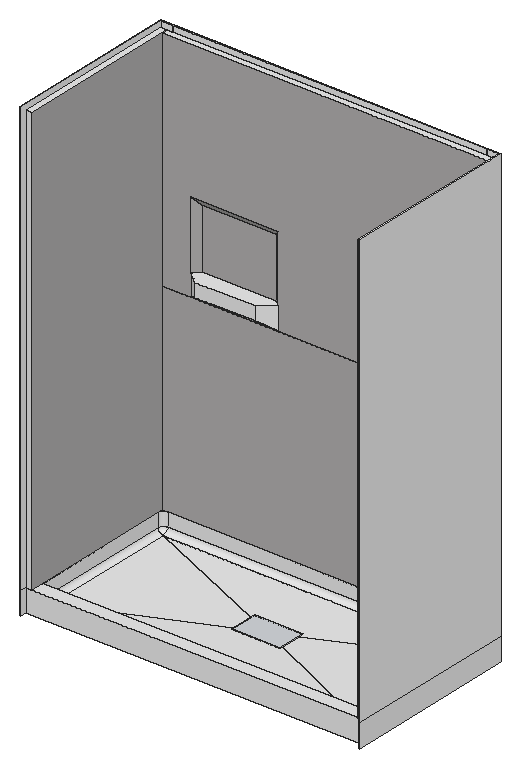
Revit family "5LBS6030SQ.V2", category Plumbing Fixtures, Revit 2019
Family settings
  Round Connector Dimension = Use Diameter
  Part Type = Normal
  OmniClass Number = 23.45.05.14.17
  OmniClass Title = Showers
  Work Plane-Based = No
  Always vertical = Yes
  Cut with Voids When Loaded = No
  Shared = No
  Room Calculation Point = No
Parameters (values of type "5LBS6030SQ.V2")
  Unit Width = 60"
  Unit Height = 80 1/2"
  Unit Depth = 31"
  URL = "http://www.bestbath.com/"
  Type Comments = "Remodeler"
  Model = "5LBS6030SQ.V2"
  Material [instance] = Best Bath Gelcoat Fiberglass - 4 x 8 Subway Tile
  Manufacturer = "Best Bath Systems, Inc."
  Keynote = "22 40 00.B3"
  Description = "4 x 8 Subway Tile Finish"
  Assembly Code = "D2010710"
Reference planes (in)
  plane 1 "Back": y = -0.5
  plane 2: z = 0
  plane 3 "Left": x = 0
  plane 4: x = 60
  plane 5: y = -30.5
  plane 6: z = 79.5
  plane 7: z = 0.75
  plane 8: z = 80.5
  plane 9: x = 30
  plane 10: y = -1.75
  plane 11: y = -14.5
  plane 12: z = 0.375
  plane 13: z = 4
  plane 14: z = 39.5
  plane 15: y = -31.5
  plane 16: z = 43.5
Forms (in)
  Extrusion 1, solid, material "Best Bath Gelcoat Fiberglass - Smooth"
    sketch origin (0, 0, 0) x (1, 0, 0) y (0, 1, 0)
      loop
        line (0, -0.5) -> (0, -30.5) -> (60, -30.5) -> (60, -0.5) -> (0, -0.5)
    from 0 to 0.75
  Extrusion 2, solid, material "Best Bath Gelcoat Fiberglass - Smooth"
    sketch origin (0, 0, 0) x (1, 0, 0) y (0, 1, 0)
      loop
        line (1.25, -0.5) -> (1.25, -1.75) -> (58.75, -1.75) -> (58.75, -0.5) -> (1.25, -0.5)
    from 4 to 39.5
  Extrusion 3, solid, material "Best Bath Gelcoat Fiberglass - Smooth"
    sketch origin (0, 0, 0) x (1, 0, 0) y (0, 1, 0)
      loop
        line (0, -30.5) -> (1.25, -30.5) -> (1.25, -2.75)
        arc (1.25, -2.75) -> (1.54289, -2.04289) -> (2.25, -1.75) r 1
        line (2.25, -1.75) -> (57.75, -1.75)
        arc (57.75, -1.75) -> (58.45711, -2.04289) -> (58.75, -2.75) r 1
        line (58.75, -2.75) -> (58.75, -30.5) -> (60, -30.5) -> (60, -0.5) -> (0, -0.5) -> (0, -30.5)
    from 0 to 4
  Extrusion 4, solid, material "Best Bath Gelcoat Fiberglass - Smooth"
    sketch origin (0, 0, 0) x (1, 0, 0) y (0, 1, 0)
      loop
        line (0, -30.5) -> (1.25, -30.5) -> (1.25, -0.5) -> (0, -0.5) -> (0, -30.5)
      loop
        line (58.75, -30.5) -> (60, -30.5) -> (60, -0.5) -> (58.75, -0.5) -> (58.75, -30.5)
    from 4 to 79.5
  Sweep 5, solid, material "Best Bath Gelcoat Fiberglass - Smooth"
    path origin (0, 0, 0) x (1, 0, 0) y (0, 1, 0)
      loop
        line (1.25, -30.5) -> (1.25, -2.75)
        arc (1.25, -2.75) -> (1.54289, -2.04289) -> (2.25, -1.75) r 1
        line (2.25, -1.75) -> (57.75, -1.75)
        arc (57.75, -1.75) -> (58.45711, -2.04289) -> (58.75, -2.75) r 1
        line (58.75, -2.75) -> (58.75, -30.5)
    profile origin (1.25, -16.625, 0) x (-1, 0, 0) y (0, 0, 1)
      loop
        line (0, 0.75) -> (0, 1.7)
        arc (0, 1.7) -> (-0.27825, 1.02825) -> (-0.95, 0.75) r 0.95
        line (-0.95, 0.75) -> (0, 0.75)
  Blend 6, void
    base sketch origin (0, 0, 0) x (1, 0, 0) y (0, 1, 0)
      loop
        line (2.25, -27.5) -> (57.75, -27.5) -> (57.75, -2.75) -> (2.25, -2.75) -> (2.25, -27.5)
    top sketch origin (0, 0, 0) x (1, 0, 0) y (0, 1, 0)
      loop
        circle (30, -14.5) r 0.07155
    from 0.75 to 0.375
  Extrusion 7, solid, material "Best Bath Gelcoat Fiberglass - Smooth"
    sketch origin (0, 0, 0) x (1, 0, 0) y (0, 1, 0)
      loop
        line (1.25, -0.5) -> (1.25, -1.75) -> (58.75, -1.75) -> (58.75, -0.5) -> (1.25, -0.5)
    from 39.5 to 79.5
  Sweep 8, solid, material "Best Bath Gelcoat Fiberglass - Smooth"
    path origin (0, 0, 0) x (1, 0, 0) y (0, 1, 0)
      loop
        line (1.25, -30.5) -> (58.75, -30.5)
    profile origin (30, -30.5, 0) x (0, 1, 0) y (0, 0, 1)
      loop
        line (0, 0) -> (3.15, 0) -> (2.35, 4) -> (0, 4) -> (0, 0)
  Extrusion 9, solid, material "Best Bath Gelcoat Fiberglass - Smooth"
    sketch origin (0, 0, 0) x (1, 0, 0) y (0, 1, 0)
      loop
        line (0, -30.5) -> (0, -31.5) -> (0.125, -31.5) -> (0.125, -30.5) -> (0, -30.5)
      loop
        line (60, -30.5) -> (59.875, -30.5) -> (59.875, -31.5) -> (60, -31.5) -> (60, -30.5)
    from 0 to 4
  Extrusion 10, solid, material "Best Bath Gelcoat Fiberglass - Smooth"
    sketch origin (0, 0, 0) x (1, 0, 0) y (0, 1, 0)
      loop
        line (2.25, -0.5) -> (2.25, -0.625) -> (57.75, -0.625) -> (57.75, -0.5) -> (2.25, -0.5)
    from 79.5 to 80.5
  Extrusion 11, solid, material "Best Bath Gelcoat Fiberglass - Smooth"
    sketch origin (0, 0, 0) x (1, 0, 0) y (0, 1, 0)
      loop
        line (0, -31.5) -> (0.125, -31.5) -> (0.125, -0.625) -> (2.25, -0.625) -> (2.25, -0.5) -> (0, -0.5) -> (0, -31.5)
      loop
        line (60, -31.5) -> (60, -0.5) -> (57.75, -0.5) -> (57.75, -0.625) -> (59.875, -0.625) -> (59.875, -31.5) -> (60, -31.5)
    from 4 to 80.5
  Blend 12, void
    base sketch origin (59.5, -38.5, 0.5) x (-1, 0, 0) y (0, 0, -1)
      loop
        line (37.75, -43) -> (37.75, -54.75) -> (53.25, -54.75) -> (53.25, -43) -> (37.75, -43)
    top sketch origin (59.5, -38.5, 0.5) x (-1, 0, 0) y (0, 0, -1)
      loop
        line (39, -43) -> (39, -53.5) -> (52, -53.5) -> (52, -43) -> (39, -43)
    from -36.75 to -37.75
  Blend 13, solid, material "Best Bath Gelcoat Fiberglass - Smooth"
    base sketch origin (59.5, -38, 0.5) x (-1, 0, 0) y (0, 0, -1)
      loop
        line (53.25, -43) -> (53.25, -39) -> (37.75, -39) -> (37.75, -43) -> (53.25, -43)
    top sketch origin (59.5, -38, 0.5) x (-1, 0, 0) y (0, 0, -1)
      loop
        line (40.125, -43) -> (50.875, -43) -> (50.875, -40.625) -> (40.125, -40.625) -> (40.125, -43)
    from -36.25 to -34.25
  Blend 14, void
    base sketch origin (0.5, -38.5, 0.5) x (1, 0, 0) y (0, 0, 1)
      loop
        line (37.75, 43) -> (53.25, 43) -> (53.25, 54.75) -> (37.75, 54.75) -> (37.75, 43)
    top sketch origin (0.5, -38.5, 0.5) x (1, 0, 0) y (0, 0, 1)
      loop
        line (39, 43) -> (52, 43) -> (52, 53.5) -> (39, 53.5) -> (39, 43)
    from -36.75 to -37.75
  Blend 15, solid, material "Best Bath Gelcoat Fiberglass - Smooth"
    base sketch origin (0.5, -38, 0.5) x (1, 0, 0) y (0, 0, 1)
      loop
        line (53.25, 43) -> (37.75, 43) -> (37.75, 39) -> (53.25, 39) -> (53.25, 43)
    top sketch origin (0.5, -38, 0.5) x (1, 0, 0) y (0, 0, 1)
      loop
        line (40.125, 43) -> (40.125, 40.625) -> (50.875, 40.625) -> (50.875, 43) -> (40.125, 43)
    from -36.25 to -34.25
  Extrusion 16, void
    sketch origin (0, 0, 0.75) x (0, 1, 0) y (1, 0, 0)
      loop
        line (-12, 25.75) -> (-12, 34.25) -> (-17, 34.25) -> (-17, 25.75) -> (-12, 25.75)
    from 0 to 0.5
  Extrusion 17, void
    sketch origin (0, 0, 0.75) x (0, 1, 0) y (1, 0, 0)
      loop
        circle (-14.5, 30) r 1.25
    from 0 to 1
  Extrusion 18, solid
    sketch origin (0, 0, 0.25) x (0, 1, 0) y (-1, 0, 0)
      loop
        line (-12, -25.75) -> (-17, -25.75) -> (-17, -34.25) -> (-12, -34.25) -> (-12, -25.75)
    from 0 to 0.25
Cuts and joins
  Blend 6, Extrusion 16, Extrusion 17 cuts Extrusion 1
  Blend 6, Extrusion 16, Extrusion 17 cuts Extrusion 3
  Blend 6, Extrusion 16, Extrusion 17 cuts Sweep 5
  Extrusion 16, Extrusion 17 cuts Sweep 8
  Extrusion 16, Extrusion 17 cuts Extrusion 9
  joined: Extrusion 1, Extrusion 3, Sweep 5, Sweep 8, Extrusion 9
  Blend 12, Blend 14 cuts Extrusion 7
  Blend 12, Blend 14 cuts Extrusion 10
  Blend 14 cuts Blend 13
  joined: Extrusion 7, Extrusion 10, Blend 13
  joined: Extrusion 4, Extrusion 11
Dimensions and locks (in)
  "Unit Width": plane 3 "Left" to plane 4
  locked: plane 7 to level at 0.75
  locked: plane 8 to plane 6 at 1
  "Unit Height": plane 8 to level
  plane 3 "Left" to plane 9 to plane 4 = 30", 30"
  locked: plane 1 "Back" to plane 11 at 14
  plane 10 to plane 1 "Back" = 1 1/4"
  locked: plane 7 to plane 12 at 0.375
  locked: plane 14 to plane 13 at 35.5
  locked: plane 13 to level at 4
  locked: plane 5 to plane 15 at 1
  "Unit Depth": plane 15 to plane 1 "Back"
  locked: plane 16 to plane 13 at 39.5
  aligned and locked: level to plane 2
  aligned and locked: Extrusion 1 to plane 7
  aligned and locked: plane 5 to Extrusion 1 sketch curve
  aligned and locked: plane 4 to Extrusion 1 sketch curve
  aligned and locked: Extrusion 2 sketch curve to Extrusion 1
  aligned and locked: Extrusion 2 sketch curve to plane 10
  aligned and locked: plane 13 to Extrusion 3
  aligned and locked: Extrusion 2 to plane 13
  aligned and locked: Extrusion 4 to Extrusion 2
  aligned and locked: plane 6 to Extrusion 4
  aligned and locked: Sweep 5 sketch curve to plane 7
  aligned and locked: plane 11 to Blend 6 sketch curve
  aligned and locked: plane 9 to Blend 6 sketch curve
  aligned and locked: Blend 6 to plane 12
  aligned and locked: Extrusion 1 to Blend 6
  aligned and locked: plane 14 to Extrusion 2
  aligned and locked: Extrusion 7 to Extrusion 2  (x2)
  aligned and locked: plane 6 to Extrusion 7
  aligned and locked: Extrusion 9 to Extrusion 2
  aligned and locked: plane 8 to Extrusion 10
  aligned and locked: Extrusion 10 to plane 6
  aligned and locked: Extrusion 11 to Extrusion 2
  aligned and locked: plane 8 to Extrusion 11
  aligned and locked: Extrusion 7 to cut or joined group of Extrusion 1, Extrusion 3, Sweep 5, Blend 6, Sweep 8, Extrusion 9, Extrusion 16, Extrusion 17
  aligned and locked: Extrusion 2 to cut or joined group of Extrusion 1, Extrusion 3, Sweep 5, Blend 6, Sweep 8, Extrusion 9, Extrusion 16, Extrusion 17
  aligned and locked: cut or joined group of Extrusion 1, Extrusion 3, Sweep 5, Blend 6, Sweep 8, Extrusion 9, Extrusion 16, Extrusion 17 to Extrusion 2
Automatic sketch dimensions
  plane 3 "Left" to Extrusion 2 sketch curve = 1 1/4"
  plane 4 to Extrusion 2 sketch curve = 1 1/4"
  Extrusion 3 sketch curve to plane 3 "Left" = 0"
  Extrusion 3 sketch curve to plane 5 = 0"  (x2)
  Extrusion 3 sketch curve to plane 10 = 0"
  plane 1 "Back" to Extrusion 3 sketch curve = 0"
  Extrusion 3 sketch curve to plane 4 = 0"
  plane 3 "Left" to Extrusion 3 sketch curve = 1 1/4"
  Extrusion 3 sketch curve to plane 10 = 1"
  plane 4 to Extrusion 3 sketch curve = 2 1/4"
  plane 4 to Extrusion 3 sketch curve = 1 1/4"
  Extrusion 4 sketch curve to plane 3 "Left" = 0"
  Extrusion 4 sketch curve to plane 5 = 0"  (x2)
  plane 1 "Back" to Extrusion 4 sketch curve = 0"  (x2)
  Extrusion 4 sketch curve to plane 4 = 0"
  plane 3 "Left" to Extrusion 4 sketch curve = 1 1/4"
  Sweep 5 sketch curve to plane 5 = 0"  (x2)
  Sweep 5 sketch curve to plane 10 = 0"
  plane 3 "Left" to Sweep 5 sketch curve = 1 1/4"
  Sweep 5 sketch curve to Sweep 5 sketch curve = 1"
  Sweep 5 sketch curve to plane 10 = 1"
  plane 4 to Sweep 5 sketch curve = 2 1/4"
  Sweep 5 sketch curve to profile plane = 0"
  profile plane to Sweep 5 sketch curve = 0.95"
  Blend 6 sketch curve to plane 10 = 1"
  plane 3 "Left" to Blend 6 sketch curve = 2 1/4"
  plane 4 to Blend 6 sketch curve = 2 1/4"
  plane 5 to Blend 6 sketch curve = 3"
  plane 1 "Back" to Extrusion 7 sketch curve = 0"
  Extrusion 7 sketch curve to plane 10 = 0"
  plane 3 "Left" to Extrusion 7 sketch curve = 1 1/4"
  plane 4 to Extrusion 7 sketch curve = 1 1/4"
  Sweep 8 sketch curve to plane 5 = 0"
  plane 3 "Left" to Sweep 8 sketch curve = 1 1/4"
  plane 4 to Sweep 8 sketch curve = 1 1/4"
  Extrusion 9 sketch curve to plane 3 "Left" = 0"
  Extrusion 9 sketch curve to plane 15 = 0"  (x2)
  Extrusion 9 sketch curve to plane 5 = 0"  (x2)
  Extrusion 9 sketch curve to plane 4 = 0"
  plane 3 "Left" to Extrusion 9 sketch curve = 1/8"
  Extrusion 9 sketch curve to Extrusion 9 sketch curve = 1/8"
  plane 1 "Back" to Extrusion 10 sketch curve = 0"
  plane 1 "Back" to Extrusion 10 sketch curve = 1/8"
  plane 3 "Left" to Extrusion 10 sketch curve = 2 1/4"
  plane 4 to Extrusion 10 sketch curve = 2 1/4"
  Extrusion 11 sketch curve to plane 3 "Left" = 0"
  Extrusion 11 sketch curve to plane 15 = 0"  (x2)
  plane 1 "Back" to Extrusion 11 sketch curve = 0"  (x2)
  Extrusion 11 sketch curve to plane 4 = 0"
  plane 3 "Left" to Extrusion 11 sketch curve = 1/8"
  plane 1 "Back" to Extrusion 11 sketch curve = 1/8"  (x2)
  Extrusion 11 sketch curve to Extrusion 11 sketch curve = 2 1/8"
  Extrusion 11 sketch curve to Extrusion 11 sketch curve = 2 1/4"
  Extrusion 11 sketch curve to Extrusion 11 sketch curve = 1/8"
  Blend 12 sketch curve to plane 16 = 0"  (x2)
  plane 9 to Blend 12 sketch curve = 8 1/4"
  plane 3 "Left" to Blend 12 sketch curve = 6 1/4"
  plane 16 to Blend 12 sketch curve = 11 3/4"
  plane 9 to Blend 12 sketch curve = 9 1/2"
  plane 3 "Left" to Blend 12 sketch curve = 7 1/2"
  plane 16 to Blend 12 sketch curve = 10 1/2"
  Blend 13 sketch curve to plane 16 = 0"  (x2)
  Blend 13 sketch curve to plane 14 = 0"
  plane 9 to Blend 13 sketch curve = 8 1/4"
  plane 3 "Left" to Blend 13 sketch curve = 6 1/4"
  plane 14 to Blend 13 sketch curve = 1 5/8"
  plane 9 to Blend 13 sketch curve = 10 5/8"
  plane 3 "Left" to Blend 13 sketch curve = 8 5/8"
  Blend 14 sketch curve to plane 16 = 0"  (x2)
  Blend 14 sketch curve to plane 9 = 8 1/4"
  plane 4 to Blend 14 sketch curve = 6 1/4"
  plane 16 to Blend 14 sketch curve = 11 3/4"
  Blend 14 sketch curve to plane 9 = 9 1/2"
  plane 4 to Blend 14 sketch curve = 7 1/2"
  plane 16 to Blend 14 sketch curve = 10 1/2"
  Blend 15 sketch curve to plane 16 = 0"  (x2)
  Blend 15 sketch curve to plane 14 = 0"
  Blend 15 sketch curve to plane 9 = 8 1/4"
  plane 4 to Blend 15 sketch curve = 6 1/4"
  plane 14 to Blend 15 sketch curve = 1 5/8"
  Blend 15 sketch curve to plane 9 = 10 5/8"
  plane 4 to Blend 15 sketch curve = 8 5/8"
  Sweep 8 sketch curve to profile plane = 0"  (x2)
  Sweep 8 sketch curve to profile plane = 2.35"
  Sweep 8 sketch curve to profile plane = 3.15"
  profile plane to Sweep 8 sketch curve = 4"
  Extrusion 4 sketch curve to Extrusion 4 sketch curve = 1 1/4"
  Extrusion 1 sketch curve to plane 3 "Left" = 0"
  plane 1 "Back" to Extrusion 1 sketch curve = 0"
  Extrusion 16 sketch curve to Extrusion 1 = 25 3/4"
  Extrusion 16 sketch curve to Extrusion 16 sketch curve = 8 1/2"
  Extrusion 16 sketch curve to Extrusion 1 = 13 1/2"
  Extrusion 16 sketch curve to Extrusion 16 sketch curve = 5"
  Extrusion 17 sketch curve to Extrusion 1 = 14"
  Extrusion 17 sketch curve to Extrusion 1 = 30"
  Extrusion 18 sketch curve to Extrusion 16 = 0"  (x4)
  radius of Blend 6 sketch curve = 0.07155"
  radius of Extrusion 17 sketch curve = 1 1/4"
